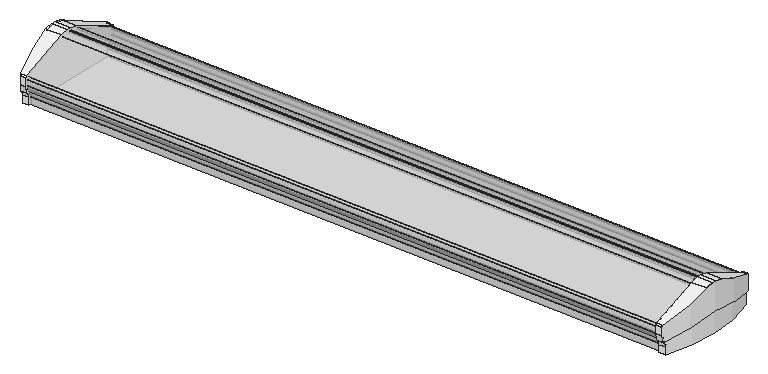
Revit family "0044874 Lighting Fixture_Sylvania_DeltaWing-LED-Electronic_Ceiling Surface", category Lighting Fixtures, host Face, Revit 2017
Family settings
  Host = Face
  Round Connector Dimension = Use Diameter
  Part Type = Normal
  OmniClass Number = 23.80.70.11.17
  OmniClass Title = Specialized Lighting by Location or Use
  Cut with Voids When Loaded = No
  Light Source = Yes
  Shared = No
  Room Calculation Point = No
Parameters (values of type "DELTAWING LED69 EB 3K 1200")
  Width = 200.0 mm
  Weight = 3.40 kg
  Wattage = 67.8849 W
  built-in parameter 1150110 = 1 (stored number, unit not read)
  Voltage Comments = "UNV (Universal Voltage; 220-240 Volt)"  # constant formula
  Voltage = 230 V  # constant formula
  URL = "http://www.sylvania-lighting.com"
  built-in parameter 1114217 = 1 (stored number, unit not read)
  Tilt Angle = -90.00°
  built-in parameter 1150109 = 1 (stored number, unit not read)
  built-in parameter 1150134 = (empty or 0)
  Ta Rating = "-10°C  to +25°C"  # constant formula
  built-in parameter 1150113 = 1 (stored number, unit not read)
  Product Page URL = "http://www.sylvania-lighting.com/product/en-int/products/0044874"
  Product Family = "DELTAWING LED - ELECTRONIC"  # constant formula
  Photometry Comments = ""
  Photometric Web File = "0044874_DELTAWINGLED69EB3K1200-197958.ies"
  Life = "50 000h"  # constant formula
  Length = 1218.0 mm
  LOR = "100%"
  Inrush Current (max. quantity per 16A C breaker) = "20"  # constant formula
  IP Rating = "IP44"  # constant formula
  IK Rating = "IK08"  # constant formula
  Height = 85.0 mm
  Glow Wire Test = 850 °C  # constant formula
  Glare Control = "UGR<23"  # constant formula
  Emit from Line Length = Length - 2.0 mm * 29  # 1160.0 mm
  Electrical Protection = "Class I"  # constant formula
  Drive Current = "250mA"  # constant formula
  built-in parameter 1114216 [instance] = 1 (stored number, unit not read)
  Cap Material = Plastic_Sylvania_DeltaWing_White
  Model = "DELTAWING LED69 EB 3K 1200"
  Manufacturer = "Feilo Sylvania"
  built-in parameter 1150105 = 2007.9 (stored number, unit not read)
  Lumens = 6984 lm
  built-in parameter 1150115 = 1 (stored number, unit not read)
  built-in parameter 1150137 = (empty or 0)
  built-in parameter 1150139 = (empty or 0)
  built-in parameter 1150112 = 1 (stored number, unit not read)
  built-in parameter 1150114 = 1 (stored number, unit not read)
  Lamp = "\tIntegrated LED"  # constant formula
  built-in parameter 1150132 = 2
  built-in parameter 1150102 = (empty or 0)
  built-in parameter 1150107 = 3000 (stored number, unit not read)
  built-in parameter 1150138 = (empty or 0)
  built-in parameter 1150106 = 20.079 (stored number, unit not read)
  CRI (Ra) = "> 80"  # constant formula
  Body Material = Steel_Sylvania_DeltaWing_White
  built-in parameter 1150104 = 9.5579 (stored number, unit not read)
  Dimming Lamp Color Temperature Shift = <None>
  Diffuser Material = Polycarbonate_Sylvania_DeltaWing_Opal_3000K
  Description = "Low profile surface and suspended LED diffuser luminaire DeltaWing LED is perfect to fulfil a wide range of applications, including educational environments, medical buildings, storage facilities and circulation areas including stairwells High performance: delivers up to 7,260lm (luminaire lumen output on 4,000K version), and up to 102lm/W (total system efficiency) Available in neutral white (4,000K) and warm white (3,000K) Smooth Polycarbonate extruded diffuser provides high efficiency, while minimising glare Precision prisms designed to optimise light output and reduce glare Options of non-dimmable, DALI, 3 hour maintained Emergency and Integrated Microwave sensor as standard Integrated Microwave sensor mounted discretely behind the diffuser helps further reduce energy and maintenance bills Suitable for suspended mounting using wire suspension kit (to be ordered seperately) BESA box connection possibility standard on product Long lifetime: 50,000 hours life at 70% of the original output L70 Energy class: A++, A+, A"  # constant formula
  Default Elevation = 0.0 mm
  Color Filter = 16777215
  Catalog Number = "0044874 DELTAWING LED69 EB 3K 1200"
  built-in parameter 1140040 [instance] = 1
  built-in parameter 1114218 = 1 (stored number, unit not read)
  built-in parameter 1150133 = 10 (stored number, unit not read)
  Assembly Code = "D5020200"
  Apparent Load = 71 VA
Reference planes
  plane 1 "Center (Front/Back)": y = 0
  plane 2 "Fixture Top": z = 0
  plane 3 "Center (Left/Right)": x = 0
  plane 4 "Fixture Left": x = -609
  plane 5 "Fixture Right": x = 609
  plane 6 "Fixture Back": y = 100
  plane 7 "Fixture Front": y = -100
  plane 8 "Cap left": x = -580
  plane 9 "Cap Right": x = 580
  plane 10 "Lamp Plane": z = 22
  plane 11 "Fixture Bottom": z = 85
  plane 12: y = 20
  plane 13: y = -20
Forms (mm)
  Extrusion 1, solid, material "Steel_Sylvania_DeltaWing_White" <- "Body Material", detail levels fine
    sketch origin (0, 0, 0) x (0, 1, 0) y (0, 0, 1)
      loop
        line (-88.5, 0) -> (88.5, 0) -> (88.5, 13.239) -> (90.848, 22) -> (88.777, 22) -> (86.5, 13.502) -> (86.5, 2) -> (-86.5, 2) -> (-86.5, 13.502) -> (-88.777, 22) -> (-90.848, 22) -> (-88.5, 13.239) -> (-88.5, 0)
    from -580 to 580
  Extrusion 2, solid, material "Polycarbonate_Sylvania_DeltaWing_Opal_3000K" <- "Diffuser Material", detail levels fine
    sketch origin (0, 0, 0) x (0, 1, 0) y (0, 0, 1)
      loop
        line (96, 33.502) -> (94.018, 26.104) -> (92.041, 26.455) -> (88.5, 13.239) -> (88.5, 0) -> (90.5, 0) -> (90.5, 12.975) -> (93.498, 24.165) -> (95.475, 23.815) -> (98, 33.238) -> (98, 44.42)
        arc (98, 44.42) -> (97.319, 46.653) -> (95.506, 48.125) r 4
        line (95.506, 48.125) -> (16.971, 80.055)
        arc (16.971, 80.055) -> (9.581, 82.257) -> (1.906, 83) r 40
        line (1.906, 83) -> (-1.906, 83)
        arc (-1.906, 83) -> (-9.581, 82.257) -> (-16.971, 80.055) r 40
        line (-16.971, 80.055) -> (-95.506, 48.125)
        arc (-95.506, 48.125) -> (-97.319, 46.653) -> (-98, 44.42) r 4
        line (-98, 44.42) -> (-98, 33.238) -> (-95.475, 23.815) -> (-93.498, 24.165) -> (-90.5, 12.975) -> (-90.5, 0) -> (-88.5, 0) -> (-88.5, 13.239) -> (-92.041, 26.455) -> (-94.018, 26.104) -> (-96, 33.502) -> (-96, 43.074)
        arc (-96, 43.074) -> (-95.319, 45.307) -> (-93.506, 46.779) r 4
        line (-93.506, 46.779) -> (-15.978, 78.299)
        arc (-15.978, 78.299) -> (-9.922, 80.17) -> (-3.638, 81) r 37.685
        line (-3.638, 81) -> (3.638, 81)
        arc (3.638, 81) -> (9.922, 80.17) -> (15.978, 78.299) r 37.685
        line (15.978, 78.299) -> (93.506, 46.779)
        arc (93.506, 46.779) -> (95.319, 45.307) -> (96, 43.074) r 4
        line (96, 43.074) -> (96, 33.502)
    from -580 to 580
  Extrusion 3, solid, material "Steel_Sylvania_DeltaWing_White" <- "Body Material", detail levels coarse+medium
    sketch origin (0, 0, 0) x (0, 1, 0) y (0, 0, 1)
      loop
        line (-16.971, 80.055) -> (-95.506, 48.125)
        arc (-95.506, 48.125) -> (-97.319, 46.653) -> (-98, 44.42) r 4
        line (-98, 44.42) -> (-98, 33.238) -> (-95.475, 23.815) -> (-93.498, 24.165) -> (-90.5, 12.975) -> (-90.5, 0) -> (90.5, 0) -> (90.5, 12.975) -> (93.498, 24.165) -> (95.475, 23.815) -> (98, 33.238) -> (98, 44.42)
        arc (98, 44.42) -> (97.319, 46.653) -> (95.506, 48.125) r 4
        line (95.506, 48.125) -> (16.971, 80.055)
        arc (16.971, 80.055) -> (9.581, 82.257) -> (1.906, 83) r 40
        line (1.906, 83) -> (-1.906, 83)
        arc (-1.906, 83) -> (-9.581, 82.257) -> (-16.971, 80.055) r 40
    from -580 to 580
Dimensions and locks
  equal spacing: plane 4 "Fixture Left", plane 3 "Center (Left/Right)", plane 5 "Fixture Right"
  "Length": plane 4 "Fixture Left" to plane 5 "Fixture Right"
  locked: plane 4 "Fixture Left" to plane 8 "Cap left" at 29
  locked: plane 9 "Cap Right" to plane 5 "Fixture Right" at 29
  "Height": plane 11 "Fixture Bottom" to plane 2 "Fixture Top"
  equal spacing: plane 6 "Fixture Back", plane 1 "Center (Front/Back)", plane 7 "Fixture Front"
  "Width": plane 6 "Fixture Back" to plane 7 "Fixture Front"
  equal spacing: plane 12, plane 1 "Center (Front/Back)", plane 13
  locked: Extrusion 1 sketch curve to Extrusion 1 sketch curve at 2
  locked: plane 10 "Lamp Plane" to Extrusion 1 sketch curve at 8.498  (x2)
  aligned and locked: level to host face
  aligned and locked: nested 1 to plane 1 "Center (Front/Back)"
  aligned and locked: nested 1 to plane 5 "Fixture Right"
  aligned and locked: nested 2 to plane 4 "Fixture Left"
  aligned and locked: plane 2 "Fixture Top" to Extrusion 1 sketch curve
  aligned and locked: Extrusion 1 to plane 8 "Cap left"
  aligned and locked: plane 9 "Cap Right" to Extrusion 1
  aligned and locked: Extrusion 2 to plane 8 "Cap left"
  aligned and locked: plane 9 "Cap Right" to Extrusion 2
  aligned and locked: Extrusion 3 sketch curve to Extrusion 2  (x2)
  aligned and locked: Extrusion 3 to plane 8 "Cap left"
  aligned and locked: plane 9 "Cap Right" to Extrusion 3
  aligned and locked: plane 2 "Fixture Top" to nested 2
  aligned and locked: nested 1 to plane 2 "Fixture Top"
  aligned and locked: plane 10 "Lamp Plane" to Extrusion 1 sketch curve  (x2)
  aligned and locked: Extrusion 3 sketch curve to plane 2 "Fixture Top"
  aligned and locked: plane 2 "Fixture Top" to Extrusion 2 sketch curve
  aligned and locked: Extrusion 2 sketch curve to plane 2 "Fixture Top"
  aligned and locked: imposter light to plane 1 "Center (Front/Back)"
  aligned and locked: plane 3 "Center (Left/Right)" to imposter light
  aligned and locked: plane 11 "Fixture Bottom" to imposter light
Automatic sketch dimensions
  host sketch curve to host sketch curve = 1713.741 mm
  host sketch curve to host sketch curve = 1283.632 mm
  plane 7 "Fixture Front" to Extrusion 2 sketch curve = 2.0 mm
  Extrusion 2 sketch curve to plane 10 "Lamp Plane" = 9.025 mm  (x2)
  Extrusion 2 sketch curve to Extrusion 2 sketch curve = 2.0 mm  (x8)
  Extrusion 2 sketch curve to Extrusion 2 sketch curve = 2.494 mm
  plane 10 "Lamp Plane" to Extrusion 2 sketch curve = 1.815 mm  (x2)
  plane 7 "Fixture Front" to Extrusion 2 sketch curve = 4.525 mm
  Extrusion 2 sketch curve to Extrusion 2 sketch curve = 1.457 mm  (x2)
  plane 10 "Lamp Plane" to Extrusion 2 sketch curve = 2.165 mm  (x2)
  Extrusion 2 sketch curve to Extrusion 2 sketch curve = 0.52 mm
  Extrusion 2 sketch curve to Extrusion 2 sketch curve = 1.977 mm  (x3)
  plane 7 "Fixture Front" to Extrusion 2 sketch curve = 9.5 mm
  plane 13 to Extrusion 2 sketch curve = 3.029 mm
  Extrusion 2 sketch curve to Extrusion 2 sketch curve = 0.993 mm  (x2)
  plane 1 "Center (Front/Back)" to Extrusion 2 sketch curve = 3.638 mm
  plane 1 "Center (Front/Back)" to Extrusion 2 sketch curve = 1.906 mm
  Extrusion 2 sketch curve to plane 1 "Center (Front/Back)" = 1.906 mm
  Extrusion 2 sketch curve to Extrusion 2 sketch curve = 1.732 mm
  plane 12 to Extrusion 2 sketch curve = 4.022 mm
  Extrusion 2 sketch curve to plane 6 "Fixture Back" = 11.5 mm
  Extrusion 2 sketch curve to plane 6 "Fixture Back" = 7.959 mm
  Extrusion 2 sketch curve to plane 6 "Fixture Back" = 6.494 mm
  Extrusion 2 sketch curve to plane 6 "Fixture Back" = 4.0 mm
  Extrusion 2 sketch curve to plane 6 "Fixture Back" = 2.0 mm
  Extrusion 2 sketch curve to Extrusion 2 sketch curve = 0.041 mm  (x2)
  Extrusion 2 sketch curve to Extrusion 2 sketch curve = 1.506 mm
  Extrusion 2 sketch curve to Extrusion 2 sketch curve = 0.494 mm
  Extrusion 2 sketch curve to Extrusion 2 sketch curve = 0.263 mm  (x4)
  Extrusion 2 sketch curve to Extrusion 2 sketch curve = 1.939 mm  (x2)
  Extrusion 2 sketch curve to Extrusion 2 sketch curve = 0.351 mm  (x2)
  Extrusion 2 sketch curve to Extrusion 2 sketch curve = 7.134 mm  (x2)
  Extrusion 2 sketch curve to Extrusion 2 sketch curve = 9.572 mm  (x2)
  Extrusion 2 sketch curve to Extrusion 2 sketch curve = 1.346 mm  (x2)
  Extrusion 2 sketch curve to plane 11 "Fixture Bottom" = 6.701 mm
  Extrusion 2 sketch curve to Extrusion 2 sketch curve = 0.0 mm
  Extrusion 2 sketch curve to Extrusion 2 sketch curve = 1.755 mm  (x2)
  Extrusion 2 sketch curve to Extrusion 2 sketch curve = 2.701 mm
  Extrusion 1 sketch curve to Extrusion 1 sketch curve = 2.0 mm  (x2)
  Extrusion 1 sketch curve to Extrusion 1 sketch curve = 0.263 mm  (x2)
  Extrusion 1 sketch curve to Extrusion 1 sketch curve = 2.071 mm  (x2)
  plane 7 "Fixture Front" to Extrusion 1 sketch curve = 9.152 mm
  plane 13 to Extrusion 3 sketch curve = 3.029 mm
  Extrusion 3 sketch curve to Extrusion 3 sketch curve = 1.506 mm  (x2)
  Extrusion 3 sketch curve to Extrusion 3 sketch curve = 11.181 mm  (x2)
  plane 10 "Lamp Plane" to Extrusion 3 sketch curve = 1.815 mm  (x2)
  plane 7 "Fixture Front" to Extrusion 3 sketch curve = 4.525 mm
  plane 10 "Lamp Plane" to Extrusion 3 sketch curve = 2.165 mm  (x2)
  Extrusion 3 sketch curve to Extrusion 3 sketch curve = 1.977 mm  (x2)
  plane 7 "Fixture Front" to Extrusion 3 sketch curve = 9.5 mm
  Extrusion 3 sketch curve to plane 10 "Lamp Plane" = 9.025 mm  (x2)
  plane 1 "Center (Front/Back)" to Extrusion 3 sketch curve = 1.906 mm
  plane 10 "Lamp Plane" to Extrusion 3 sketch curve = 21.0 mm
  plane 12 to Extrusion 3 sketch curve = 3.029 mm
  Extrusion 3 sketch curve to plane 1 "Center (Front/Back)" = 1.906 mm
  Extrusion 3 sketch curve to plane 6 "Fixture Back" = 4.494 mm
  Extrusion 3 sketch curve to Extrusion 3 sketch curve = 0.0 mm
  plane 10 "Lamp Plane" to Extrusion 3 sketch curve = 26.125 mm
  Extrusion 3 sketch curve to plane 6 "Fixture Back" = 2.0 mm
  Extrusion 3 sketch curve to plane 6 "Fixture Back" = 4.525 mm
  Extrusion 3 sketch curve to plane 6 "Fixture Back" = 9.5 mm
  Extrusion 1 sketch curve to plane 6 "Fixture Back" = 11.223 mm
  plane 7 "Fixture Front" to Extrusion 1 sketch curve = 11.5 mm
  Extrusion 1 sketch curve to plane 6 "Fixture Back" = 13.5 mm
Nested families
  nested 1: "Cap" at (580, 0, 0) x (0, 1, 0) z (0, 0, 1), type "Type"
  nested 2: "Cap" at (-580, 0, 0) x (0, 1, 0) z (0, 0, 1), type "Type"
Connectors
  electrical at (0, 0, 0), driven by "Voltage", driven by "Apparent Load"
    settings: on Extrusion 1, index 1, voltage 230 V, apparent load 0 VA, apparent load phase1 71 VA, apparent load phase2 0 VA, apparent load phase3 0 VA, power factor 1, load classification "Lighting", number of poles 1, system type 31, power factor state 1, is connector primary yes, connector utility no, sub classification motor no, connector description ""
Definition of nested family "Cap"
  Parameters
    Height = 85.0 mm
    Width = 200.0 mm
    Default Elevation = 0.0 mm
    Cap Material = none
  Reference planes
    plane 1 "Center (Front/Back)": y = 0
    plane 2: z = 0
    plane 3 "Center (Left/Right)": x = 0
    plane 4: x = 100
    plane 5: x = -100
    plane 6: y = -29
    plane 7: y = -10
    plane 8: z = 85
    plane 9: z = 17
    plane 10: z = 22
    plane 11: z = 37
  Forms (mm)
    Extrusion 1, solid, material <- "Cap Material"
      sketch origin (0, 0, 0) x (1, 0, 0) y (0, 1, 0)
        loop
          line (-100, 0) -> (-100, -10)
          arc (-100, -10) -> (0, -28.818) -> (100, -10) r 275.114
          line (100, -10) -> (100, 0) -> (-100, 0)
      from 0 to 85
    Extrusion 2, void
      sketch origin (0, 0, 0) x (1, 0, 0) y (0, 0, 1)
        loop
          line (-92.5, 0) -> (-92.5, 12.712) -> (-94.955, 21.876) -> (-96.887, 21.358) -> (-101.913, 40.115)
          arc (-101.913, 40.115) -> (-101.345, 45.755) -> (-97.183, 49.603) r 8
          line (-97.183, 49.603) -> (-17.481, 82.006)
          arc (-17.481, 82.006) -> (-8.901, 84.444) -> (0, 85) r 41.685
          arc (0, 85) -> (8.901, 84.444) -> (17.481, 82.006) r 41.685
          line (17.481, 82.006) -> (97.183, 49.603)
          arc (97.183, 49.603) -> (101.345, 45.755) -> (101.913, 40.115) r 8
          line (101.913, 40.115) -> (96.887, 21.358) -> (94.955, 21.876) -> (92.5, 12.712) -> (92.5, 0) -> (117.5, 0) -> (117.5, 106.013) -> (-117.5, 106.013) -> (-117.5, 0) -> (-92.5, 0)
      from 0 to 250
    Extrusion 3, void
      sketch origin (0, 0, 0) x (1, 0, 0) y (0, 0, 1)
        loop
          line (-94.955, 21.876) -> (-100, 20.524) -> (-100, 0) -> (100, 0) -> (100, 20.524) -> (94.955, 21.876) -> (10.419, 36.87)
          arc (10.419, 36.87) -> (0, 37.781) -> (-10.419, 36.87) r 60
          line (-10.419, 36.87) -> (-94.955, 21.876)
      from -68.585 to 250
    Extrusion 4, solid, material <- "Cap Material"
      sketch origin (0, 0, 0) x (1, 0, 0) y (0, 1, 0)
        loop
          line (-100, 0) -> (-100, -9.525)
          arc (-100, -9.525) -> (0.169, -27.445) -> (100, -7.727) r 275.114
          line (100, -7.727) -> (100, 0) -> (-100, 0)
      from 0 to 85
    Extrusion 5, void
      sketch origin (0, 0, 0) x (1, 0, 0) y (0, 0, 1)
        loop
          line (-92.5, 0) -> (-92.5, 12.712) -> (-94.955, 21.876) -> (-96.887, 21.358) -> (-101.913, 40.115)
          arc (-101.913, 40.115) -> (-101.345, 45.755) -> (-97.183, 49.603) r 8
          line (-97.183, 49.603) -> (-17.481, 82.006)
          arc (-17.481, 82.006) -> (-8.901, 84.444) -> (0, 85) r 41.685
          arc (0, 85) -> (8.901, 84.444) -> (17.481, 82.006) r 41.685
          line (17.481, 82.006) -> (97.183, 49.603)
          arc (97.183, 49.603) -> (101.345, 45.755) -> (101.913, 40.115) r 8
          line (101.913, 40.115) -> (96.887, 21.358) -> (94.955, 21.876) -> (92.5, 12.712) -> (92.5, 0) -> (117.5, 0) -> (117.5, 106.013) -> (-117.5, 106.013) -> (-117.5, 0) -> (-92.5, 0)
      from 0 to 250
  Cuts and joins
    Extrusion 2, Extrusion 3, Extrusion 5 cuts Extrusion 1
    Extrusion 5 cuts Extrusion 4
    joined: Extrusion 1, Extrusion 4
  Dimensions and locks
    equal spacing: plane 5, plane 3 "Center (Left/Right)", plane 4
    "Width": plane 5 to plane 4
    locked: plane 1 "Center (Front/Back)" to plane 6 at 29
    plane 1 "Center (Front/Back)" to plane 7 = 10.0 mm
    "Height": plane 8 to level
    plane 9 to plane 2 = 17.0 mm
    plane 10 to plane 9 = 5.0 mm
    Extrusion 2 sketch curve to plane 5 = 7.5 mm
    aligned and locked: level to plane 2
    aligned and locked: plane 1 "Center (Front/Back)" to Extrusion 1 sketch curve
    aligned and locked: Extrusion 1 sketch curve to plane 5
    aligned and locked: Extrusion 1 sketch curve to plane 4
    aligned and locked: plane 7 to Extrusion 1 sketch curve  (x2)
    aligned and locked: Extrusion 1 to plane 2
    aligned and locked: plane 8 to Extrusion 1
  Automatic sketch dimensions
    Extrusion 1 sketch curve to plane 1 "Center (Front/Back)" = 246.296 mm
    Extrusion 2 sketch curve to plane 5 = 17.5 mm
    Extrusion 2 sketch curve to plane 9 = 4.288 mm
    Extrusion 2 sketch curve to plane 3 "Center (Left/Right)" = 0.0 mm
    Extrusion 2 sketch curve to plane 8 = 0.0 mm
    Extrusion 2 sketch curve to plane 5 = 1.913 mm
    plane 5 to Extrusion 2 sketch curve = 2.817 mm
    plane 10 to Extrusion 2 sketch curve = 0.642 mm  (x2)
    plane 5 to Extrusion 2 sketch curve = 3.113 mm
    plane 10 to Extrusion 2 sketch curve = 0.124 mm  (x2)
    Extrusion 2 sketch curve to plane 8 = 2.994 mm  (x2)
    Extrusion 2 sketch curve to plane 3 "Center (Left/Right)" = 17.481 mm
    plane 3 "Center (Left/Right)" to Extrusion 2 sketch curve = 17.481 mm
    Extrusion 2 sketch curve to plane 4 = 7.5 mm
    Extrusion 2 sketch curve to plane 4 = 5.045 mm
    Extrusion 2 sketch curve to Extrusion 2 sketch curve = 1.932 mm
    Extrusion 2 sketch curve to plane 4 = 2.817 mm
    plane 4 to Extrusion 2 sketch curve = 1.913 mm
    plane 4 to Extrusion 2 sketch curve = 17.5 mm
    plane 5 to Extrusion 2 sketch curve = 5.814 mm
    Extrusion 2 sketch curve to plane 3 "Center (Left/Right)" = 1.865 mm
    plane 3 "Center (Left/Right)" to Extrusion 2 sketch curve = 1.865 mm
    Extrusion 2 sketch curve to plane 4 = 5.814 mm
    Extrusion 2 sketch curve to Extrusion 2 sketch curve = 9.488 mm  (x2)
    plane 8 to Extrusion 2 sketch curve = 21.013 mm
    Extrusion 2 sketch curve to level = 0.0 mm  (x2)
    Extrusion 3 sketch curve to plane 3 "Center (Left/Right)" = 0.0 mm
    plane 10 to Extrusion 3 sketch curve = 0.124 mm  (x2)
    Extrusion 3 sketch curve to plane 3 "Center (Left/Right)" = 10.419 mm
    plane 3 "Center (Left/Right)" to Extrusion 3 sketch curve = 10.419 mm
    plane 11 to Extrusion 3 sketch curve = 0.13 mm
    plane 10 to Extrusion 3 sketch curve = 1.476 mm  (x2)
    Extrusion 3 sketch curve to level = 0.0 mm
    Extrusion 3 sketch curve to plane 5 = 0.0 mm
    Extrusion 3 sketch curve to Extrusion 3 sketch curve = 22.219 mm
    plane 5 to Extrusion 3 sketch curve = 5.045 mm
    Extrusion 3 sketch curve to plane 4 = 5.045 mm
    plane 4 to Extrusion 3 sketch curve = 0.0 mm
    plane 1 "Center (Front/Back)" to Extrusion 4 sketch curve = 0.0 mm
    Extrusion 4 sketch curve to plane 5 = 0.0 mm
    Extrusion 4 sketch curve to plane 4 = 0.0 mm
    plane 7 to Extrusion 4 sketch curve = 2.273 mm
    plane 7 to Extrusion 4 sketch curve = 0.475 mm
    Extrusion 4 sketch curve to plane 1 "Center (Front/Back)" = 247.658 mm
    Extrusion 5 sketch curve to level = 0.0 mm  (x2)
    Extrusion 5 sketch curve to plane 5 = 17.5 mm
    Extrusion 5 sketch curve to plane 9 = 4.288 mm  (x2)
    Extrusion 5 sketch curve to plane 3 "Center (Left/Right)" = 0.0 mm
    Extrusion 5 sketch curve to plane 8 = 0.0 mm
    Extrusion 5 sketch curve to plane 5 = 1.913 mm
    plane 5 to Extrusion 5 sketch curve = 2.817 mm
    plane 10 to Extrusion 5 sketch curve = 0.642 mm  (x2)
    plane 5 to Extrusion 5 sketch curve = 3.113 mm
    plane 10 to Extrusion 5 sketch curve = 0.124 mm  (x2)
    Extrusion 5 sketch curve to Extrusion 5 sketch curve = 1.932 mm
    Extrusion 5 sketch curve to plane 8 = 2.994 mm  (x2)
    Extrusion 5 sketch curve to plane 3 "Center (Left/Right)" = 17.481 mm
    plane 3 "Center (Left/Right)" to Extrusion 5 sketch curve = 17.481 mm
    Extrusion 5 sketch curve to plane 4 = 7.5 mm
    Extrusion 5 sketch curve to plane 4 = 5.045 mm
    Extrusion 5 sketch curve to plane 4 = 2.817 mm
    plane 4 to Extrusion 5 sketch curve = 1.913 mm
    plane 4 to Extrusion 5 sketch curve = 17.5 mm
    plane 5 to Extrusion 5 sketch curve = 5.814 mm
    Extrusion 5 sketch curve to plane 3 "Center (Left/Right)" = 1.865 mm
    plane 3 "Center (Left/Right)" to Extrusion 5 sketch curve = 1.865 mm
    Extrusion 5 sketch curve to plane 4 = 5.814 mm
    Extrusion 5 sketch curve to Extrusion 5 sketch curve = 9.488 mm  (x2)
    plane 8 to Extrusion 5 sketch curve = 21.013 mm
